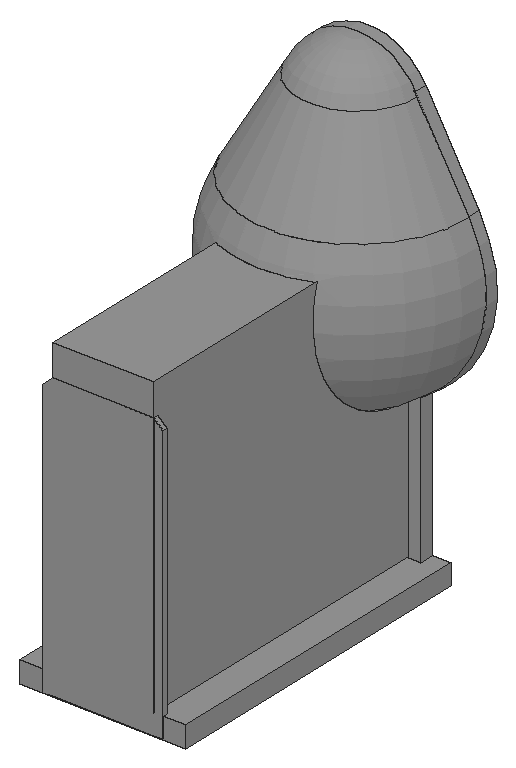
Revit family "Toilet-Willoughby-1490-HET-ETW-FM-TS-HC", category Plumbing Fixtures, host Face, Revit 2014
Parameters (values of type "Standard")
  Waste DIA = 2 1/4"
  Waste Connection = yes
  Vent Connection = no
  URL = "www.willoughby-ind.com"
  Type Comments = "Blowout Series"
  Revision = "A"
  Model = "ETW-1490-HET-FM-TS-HC"
  Manufacturer = "Willoughby Industries"
  HW Connection = no
  Flush Inlet DIA = 1 1/2"
  Flush Inlet Connection = yes
  Fixture Body = Stainless Steel AISI 304-Willoughby
  Description = "High Efficiency  HandicapToilet"
  Default Elevation = 0' - 0"
  Contact = "(800) 428-4065"
  CW Connection = no
Reference planes (in)
  plane 1 "Center (Front/Back)": y = 0
  plane 2: z = 0
  plane 3 "Center (Left/Right)": x = 0
  plane 4 "Seat": y = 18
  plane 5 "Top": y = 19
  plane 6: y = 17.25
  plane 7: z = 18.5
  plane 8: z = 14.933
  plane 9: x = 3.25
  plane 10: x = -3.25
  plane 11: z = 15.30775
  plane 12: x = 7
  plane 13: z = 18.24525
  plane 14: z = 8
  plane 15: z = 10
  plane 16: y = 14.5
  plane 17: y = 19.75
  plane 18: x = 2.75
  plane 19: x = -2.75
  plane 20: z = 25.75
  plane 21: x = 4.5
  plane 22: x = -4.5
  plane 23: z = 1.125
  plane 24: z = -3
  plane 25: y = 22
  plane 26: z = 2.75
Forms (in)
  Extrusion 1, solid, material "Stainless Steel AISI 304-Willoughby" <- "Fixture Body"
    sketch origin (0, 0, 0) x (1, 0, 0) y (0, 1, 0)
      loop
        line (-4.5, 0) -> (4.5, 0) -> (4.5, 18) -> (-4.5, 18) -> (-4.5, 0)
    from 0 to 1.125
  Revolve 2, solid, material "Stainless Steel AISI 304-Willoughby" <- "Fixture Body"
    sketch origin (-60, 17.25, 55.20755) x (-1, 0, 0) y (0, 0, 1)
      loop
        line (-60, -46.89981) -> (-60, -46.39981)
        arc (-60, -46.39981) -> (-65.42136, -42.59037) -> (-65.23755, -35.96698) r 7
        line (-65.23755, -35.96698) -> (-62.80388, -31.72393) -> (-62.74416, -31.59711)
        arc (-62.74416, -31.59711) -> (-61.61332, -30.35842) -> (-60, -29.89981) r 3.067
        line (-60, -29.89981) -> (-60, -29.39981)
        arc (-60, -29.39981) -> (-61.93389, -29.96955) -> (-63.25, -31.49678) r 3.567
        line (-63.25, -31.49678) -> (-66.0721, -36.41706)
        arc (-66.0721, -36.41706) -> (-66.0572, -43.40842) -> (-60, -46.89981) r 7
      axis (-60, -29.39981) -> (-60, -46.89981)
    angle from 0 to 180
  Extrusion 3, solid, material "Stainless Steel AISI 304-Willoughby" <- "Fixture Body"
    sketch origin (0, 0, 7.20755) x (1, 0, 0) y (0, 0, 1)
      loop
        line (-3.5, 1.93865) -> (-3.5, -6.08255) -> (3.5, -6.08255) -> (3.5, 1.93865)
        arc (3.5, 1.93865) -> (6.77318, 6.23534) -> (6.01269, 11.58294) r 6.99928
        line (6.01269, 11.58294) -> (3.14932, 16.69649)
        arc (3.14932, 16.69649) -> (-0.10896, 18.5408) -> (-3.25, 16.50322) r 3.60945
        line (-3.25, 16.50322) -> (-6.10166, 11.42924)
        arc (-6.10166, 11.42924) -> (-6.75024, 6.14955) -> (-3.5, 1.93865) r 6.99928
      loop
        arc (-4.17861, 9.875) -> (0, 3.42) -> (4.17861, 9.875) r 4.58
        line (4.17861, 9.875) -> (1.45817, 16.45616)
        arc (1.45817, 16.45616) -> (-0.05754, 17.35793) -> (-1.5058, 16.35139) r 1.629
        line (-1.5058, 16.35139) -> (-4.17861, 9.875)
    from -18 to -17.25
  Extrusion 4, solid, material "Stainless Steel AISI 304-Willoughby" <- "Fixture Body"
    sketch origin (0, 0, 7.20827) x (0, 1, 0) y (0, 0, 1)
      loop
        line (0, 10) -> (0, -6.20827) -> (17.25, -6.20827) -> (17.25, 1.50333)
        arc (17.25, 1.50333) -> (12.13093, 4.2568) -> (11.23533, 10) r 6.52933
        line (11.23533, 10) -> (0, 10)
    from 2.75 to -2.75
  Revolve 5, solid, material "Stainless Steel AISI 304-Willoughby" <- "Fixture Body"
    sketch origin (0, 14.5, -24) x (0, 0, -1) y (-1, 0, 0)
      loop
        line (-25, 0) -> (-21, 0) -> (-21, 1.125) -> (-25, 1.125) -> (-25, 0)
      axis (-25, 0) -> (-21, 0)
    angle from 0 to 360
  Revolve 6, solid, material "Stainless Steel AISI 304-Willoughby" <- "Fixture Body"
    sketch origin (0, 0, 0) x (0, 1, 0) y (0, 0, 1)
      loop
        line (19, 2.75) -> (16, 2.75) -> (16, 2) -> (19, 2) -> (19, 2.75)
      axis (19, 2.75) -> (16, 2.75)
    angle from 0 to 360
  Extrusion 7, solid, material "Stainless Steel AISI 304-Willoughby" <- "Fixture Body"
    sketch origin (0, 0, 0) x (1, 0, 0) y (0, 0, 1)
      loop
        line (2.75, 0) -> (3.25, 0) -> (3.25, 15) -> (2.75, 15.5) -> (-2.75, 15.5) -> (-3.25, 15) -> (-3.25, 0) -> (-2.75, 0) -> (2.75, 0)
    from 0 to -0.25
Cuts and joins
  joined: Extrusion 1, Revolve 2, Extrusion 4
Lines and regions (in)
  symbolic lines
    curve 1: line (-6.99928, 17.25, 0) -> (-6.99928, 18, 0)
    curve 2: line (-6.99928, 18, 0) -> (6.99928, 18, 0)
    curve 3: line (6.99928, 18, 0) -> (6.99928, 17.25, 0)
    curve 4: arc (6.99928, 17.25, 0) -> (5.84117, 13.39339, 0) -> (2.75, 10.8128, 0) r 7.00046
    curve 5: arc (2.75, 11.09976, 0) -> (0, 10.51294, 0) -> (-2.75, 11.09976, 0) r 6.73706
    curve 6: line (-2.75, 11.09976, 0) -> (-2.75, 0, 0)
    curve 7: line (-2.75, 0, 0) -> (4.5, 0, 0)
    curve 8: line (4.5, 0, 0) -> (4.5, 11.88848, 0)
    curve 9: line (2.75, 11.09976, 0) -> (2.75, 0, 0)
    curve 10: line (2.75, 0.25, 0) -> (3.25, 0.25, 0)
    curve 11: line (3.25, 0.25, 0) -> (3.25, 0, 0)
    curve 12: line (-2.75, 0, 0) -> (-4.5, 0, 0)
    curve 13: line (-3.25, 0, 0) -> (-3.25, 0.25, 0)
    curve 14: line (-3.25, 0.25, 0) -> (-2.75, 0.25, 0)
    curve 15: arc (-2.75, 10.75, 0) -> (-5.84271, 13.36714, 0) -> (-6.99928, 17.25, 0) r 7.09607
    curve 16: line (-4.5, 11.8441, 0) -> (-4.5, 0, 0)
    curve 17: line (-3.5, 0, 9.1462) -> (-3.5, 0, 1.125)
    curve 18: line (-3.5, 0, 1.125) -> (-4.5, 0, 1.125)
    curve 19: line (-4.5, 0, 1.125) -> (-4.5, 0, 0)
    curve 20: line (-4.5, 0, 0) -> (4.5, 0, 0)
    curve 21: line (4.5, 0, 0) -> (4.5, 0, 1.125)
    curve 22: line (4.5, 0, 1.125) -> (3.5, 0, 1.125)
    curve 23: line (3.5, 0, 1.125) -> (3.5, 0, 9.1462)
    curve 24: arc (3.5, 0, 9.1462) -> (6.76525, 0, 13.4405) -> (6.0721, 0, 18.7905) r 7.10387
    curve 25: line (6.0721, 0, 18.7905) -> (3.13372, 0, 23.93162)
    curve 26: arc (3.13372, 0, 23.93162) -> (1.81244, 0, 25.27988) -> (0, 0, 25.80775) r 3.72684
    curve 27: arc (0, 0, 25.80775) -> (-1.94954, 0, 25.26225) -> (-3.25, 0, 23.71078) r 3.42319
    curve 28: line (-3.25, 0, 23.71078) -> (-6.10166, 0, 18.63679)
    curve 29: arc (-6.10166, 0, 18.63679) -> (-6.75024, 0, 13.3571) -> (-3.5, 0, 9.1462) r 6.99928
    curve 35: line (3.5, 0, 1.125) -> (-3.5, 0, 1.125)
    curve 36: line (0, 11.09976, 17.20827) -> (0, 0, 17.20827)
    curve 37: line (0, 0, 17.20827) -> (0, 0, 0)
    curve 38: line (0, 0, 0) -> (0, 18, 0)
    curve 39: line (0, 18, 0) -> (0, 18, 25.75)
    curve 40: line (0, 18, 25.75) -> (0, 17.25, 25.75)
    curve 41: arc (0, 17.25, 25.75) -> (0, 15.33161, 25.19798) -> (0, 14, 23.71078) r 3.60945
    curve 42: arc (0, 14, 23.71078) -> (0, 12.53912, 21.2053) -> (0, 11.09976, 18.68741) r 338.45706
    curve 43: arc (0, 11.09976, 18.68741) -> (0, 10.75242, 17.96745) -> (0, 10.50215, 17.20827) r 6.10372
    curve 44: arc (0, 11.09976, 17.20827) -> (0, 12.10577, 11.46223) -> (0, 17.25, 8.71161) r 6.66118
    curve 45: line (0, 17.25, 8.71161) -> (0, 17.25, 9.1462)
    curve 46: line (0, 17.25, 9.1462) -> (0, 18, 9.1462)
    curve 47: line (0, 17.25, 8.71161) -> (0, 17.25, 1.125)
    curve 48: line (0, 17.25, 1.125) -> (0, 0, 1.125)
    curve 49: line (0, 18, 1.125) -> (0, 17.25, 1.125)
  symbolic lines, detail levels fine
    curve 30: arc (-4.23311, 0, 16.95602) -> (0.06888, 0, 10.62807) -> (4.17861, 0, 17.08255) r 4.58
    curve 31: line (4.17861, 0, 17.08255) -> (1.45817, 0, 23.66371)
    curve 32: arc (1.45817, 0, 23.66371) -> (0.85026, 0, 24.36664) -> (-0.05754, 0, 24.56548) r 1.47245
    curve 33: arc (-0.05754, 0, 24.56548) -> (-0.9107, 0, 24.24786) -> (-1.5058, 0, 23.55895) r 1.83288
    curve 34: line (-1.5058, 0, 23.55895) -> (-4.23311, 0, 16.95602)
Dimensions and locks (in)
  equal spacing: plane 9, plane 3 "Center (Left/Right)", plane 10
  plane 9 to plane 10 = 0' - 6 1/2"
  host face to plane 11 = 1' - 3.30775"
  plane 7 to level = 1' - 6 1/2"
  plane 5 "Top" to plane 1 "Center (Front/Back)" = 1' - 7"
  plane 4 "Seat" to plane 1 "Center (Front/Back)" = 1' - 6"
  plane 16 to plane 1 "Center (Front/Back)" = 1' - 2 1/2"
  plane 1 "Center (Front/Back)" to plane 16 = 1' - 2 1/2"
  plane 19 to plane 18 = 0' - 5 1/2"
  plane 6 to plane 1 "Center (Front/Back)" = 1' - 5 1/4"
  level to plane 20 = 2' - 1 3/4"
  plane 22 to plane 21 = 0' - 9"
  plane 1 "Center (Front/Back)" to plane 4 "Seat" = 1' - 6"
  plane 22 to plane 3 "Center (Left/Right)" = 0' - 4 1/2"
  plane 25 to plane 1 "Center (Front/Back)" = 1' - 10"
  aligned and locked: plane 2 to host face
  aligned and locked: level to host face
  aligned and locked: plane 21 to Extrusion 1
  aligned and locked: Extrusion 1 to plane 22
  aligned and locked: plane 18 to Extrusion 4
  aligned and locked: Extrusion 4 to plane 19
  aligned and locked: Revolve 6 sketch curve to Revolve 6 sketch curve  (x2)
Automatic sketch dimensions
  host sketch curve to host sketch curve = 3' - 6.09429"
  host sketch curve to host sketch curve = 4' - 3.69331"
  Extrusion 1 sketch curve to plane 5 "Top" = 0' - 1"
  Extrusion 3 sketch curve to Extrusion 3 sketch curve = 0' - 0"  (x4)
  Extrusion 3 sketch curve to plane 10 = 0' - 0"
  Extrusion 3 sketch curve to plane 3 "Center (Left/Right)" = 0' - 0"  (x3)
  plane 14 to Extrusion 3 sketch curve = 0' - 7.20755"
  plane 8 to Extrusion 3 sketch curve = 0' - 7.20755"
  Extrusion 3 sketch curve to plane 10 = 0' - 0 1/4"
  Extrusion 3 sketch curve to plane 10 = 0' - 0.92861"
  Extrusion 3 sketch curve to plane 3 "Center (Left/Right)" = 0' - 1.5058"
  plane 3 "Center (Left/Right)" to Extrusion 3 sketch curve = 0' - 1.45817"
  Extrusion 3 sketch curve to plane 9 = 0' - 0.10068"
  plane 9 to Extrusion 3 sketch curve = 0' - 0 1/4"
  plane 9 to Extrusion 3 sketch curve = 0' - 0.92861"
  level to Extrusion 3 sketch curve = 0' - 9.1462"  (x2)
  plane 14 to Extrusion 3 sketch curve = 0' - 9.08255"
  Extrusion 3 sketch curve to Extrusion 3 sketch curve = 0' - 0.79695"
  plane 8 to Extrusion 3 sketch curve = 0' - 8.62595"
  plane 8 to Extrusion 3 sketch curve = 0' - 8.77778"
  Extrusion 3 sketch curve to Extrusion 3 sketch curve = 0' - 8.0212"
  plane 15 to Extrusion 4 sketch curve = 0' - 7.20827"
  Extrusion 4 sketch curve to plane 6 = 0' - 0"
  plane 6 to Extrusion 4 sketch curve = 0' - 0.21015"
  plane 14 to Extrusion 4 sketch curve = 0' - 7.23755"
  level to Extrusion 4 sketch curve = 0' - 1"
  Extrusion 4 sketch curve to plane 6 = 0' - 6.01467"
  Revolve 2 sketch curve to Revolve 2 sketch curve = 0' - 0"  (x3)
  Revolve 2 sketch curve to plane 9 = 0' - 0"
  Revolve 2 sketch curve to plane 3 "Center (Left/Right)" = 0' - 0"  (x3)
  Revolve 2 sketch curve to plane 11 = 0' - 0"
  Revolve 2 sketch curve to plane 9 = 0' - 0.44612"
  Revolve 2 sketch curve to Revolve 2 sketch curve = 0' - 0.05972"
  plane 11 to Revolve 2 sketch curve = 0' - 0.45007"
  Revolve 2 sketch curve to plane 3 "Center (Left/Right)" = 0' - 0.83455"
  level to Revolve 2 sketch curve = 0' - 8.80775"
  Revolve 2 sketch curve to Revolve 2 sketch curve = 0' - 0 1/2"
  plane 8 to Revolve 2 sketch curve = 0' - 7.30775"
  plane 8 to Revolve 2 sketch curve = 0' - 8.55063"
  Revolve 2 sketch curve to Revolve 2 sketch curve = 0' - 0.12681"
  Revolve 2 sketch curve to Revolve 2 sketch curve = 0' - 0.22715"
  Revolve 5 sketch curve to plane 3 "Center (Left/Right)" = 0' - 0"  (x2)
  level to Revolve 5 sketch curve = 0' - 1"
  Revolve 5 sketch curve to level = 0' - 3"
  Revolve 5 sketch curve to Revolve 5 sketch curve = 0' - 1 1/8"
  Revolve 5 sketch curve to Revolve 5 sketch curve = 0' - 0"
  Revolve 5 sketch curve to Revolve 5 sketch curve = 0' - 1 3/4"
  Extrusion 1 sketch curve to plane 10 = 0' - 1 1/4"
  plane 7 to Extrusion 3 sketch curve = 0' - 0.13679"
  plane 9 to Extrusion 1 sketch curve = 0' - 1 1/4"
  plane 7 to Revolve 2 sketch curve = 0' - 0.74057"
  plane 7 to Revolve 2 sketch curve = 0' - 0.2905"
  plane 7 to Extrusion 3 sketch curve = 0' - 0.2905"
  plane 1 "Center (Front/Back)" to Extrusion 1 sketch curve = 0' - 0"
  Extrusion 4 sketch curve to plane 1 "Center (Front/Back)" = 0' - 0"
  Revolve 6 sketch curve to plane 26 = 0' - 0"  (x2)
  Revolve 6 sketch curve to plane 5 "Top" = 0' - 0"
  Revolve 6 sketch curve to plane 6 = 0' - 1 1/4"
  Revolve 6 sketch curve to Revolve 6 sketch curve = 0' - 0 3/4"
  Revolve 6 sketch curve to Revolve 6 sketch curve = 0' - 0"
  Extrusion 7 sketch curve to plane 10 = 0' - 0"
  Extrusion 7 sketch curve to level = 0' - 0"
  plane 19 to Extrusion 7 sketch curve = 0' - 0"
  Extrusion 7 sketch curve to plane 19 = 0' - 0"
  Extrusion 7 sketch curve to plane 18 = 0' - 0"
  plane 18 to Extrusion 7 sketch curve = 0' - 0"
  plane 9 to Extrusion 7 sketch curve = 0' - 0"
  plane 8 to Extrusion 7 sketch curve = 0' - 0.067"  (x2)
  plane 8 to Extrusion 7 sketch curve = 0' - 0.567"
  curve 1 to plane 4 "Seat" = 0' - 0"
  curve 15 to plane 6 = 0' - 0"
  curve 16 to plane 22 = 0' - 0"
  plane 1 "Center (Front/Back)" to curve 12 = 0' - 0"
  curve 13 to plane 10 = 0' - 0"
  curve 15 to plane 19 = 0' - 0"
  curve 4 to plane 6 = 0' - 0"
  curve 5 to plane 3 "Center (Left/Right)" = 0' - 0"
  curve 5 to plane 18 = 0' - 0"
  curve 11 to plane 9 = 0' - 0"
  curve 7 to plane 21 = 0' - 0"
  curve 5 to plane 6 = 0' - 0"
  curve 1 to plane 22 = 0' - 2.49928"
  curve 4 to plane 3 "Center (Left/Right)" = 0' - 0.00118"
  curve 5 to curve 15 = 0' - 0.09679"
  curve 11 to plane 1 "Center (Front/Back)" = 0' - 0 1/4"
  curve 13 to curve 13 = 0' - 0 1/4"
  curve 4 to curve 9 = 0' - 0.28695"
  curve 6 to curve 16 = 0' - 0.74434"
  curve 29 to curve 30 = 0' - 0"  (x2)
  curve 20 to level = 0' - 0"
  curve 20 to plane 22 = 0' - 0"
  curve 35 to plane 23 = 0' - 0"
  curve 27 to plane 10 = 0' - 0"
  curve 27 to plane 3 "Center (Left/Right)" = 0' - 0"
  curve 30 to plane 3 "Center (Left/Right)" = 0' - 0"
  curve 26 to plane 3 "Center (Left/Right)" = 0' - 0"
  curve 22 to plane 21 = 0' - 0"
  plane 7 to curve 28 = 0' - 0.13679"
  curve 28 to plane 22 = 0' - 1.60166"
  plane 22 to curve 34 = 0' - 0.26689"
  curve 17 to plane 10 = 0' - 0 1/4"
  plane 19 to curve 34 = 0' - 1.2442"
  curve 26 to plane 3 "Center (Left/Right)" = 0' - 0.10192"
  curve 24 to plane 3 "Center (Left/Right)" = 0' - 0.0987"
  curve 27 to plane 3 "Center (Left/Right)" = 0' - 0.09362"
  plane 3 "Center (Left/Right)" to curve 32 = 0' - 0.0974"
  plane 3 "Center (Left/Right)" to curve 33 = 0' - 0.13533"
  curve 31 to plane 18 = 0' - 1.29183"
  curve 25 to plane 9 = 0' - 0.11628"
  plane 9 to curve 22 = 0' - 0 1/4"
  curve 31 to plane 21 = 0' - 0.32139"
  plane 7 to curve 25 = 0' - 0.2905"
  plane 21 to curve 25 = 0' - 1.5721"
  curve 23 to plane 15 = 0' - 0.8538"
  curve 17 to plane 15 = 0' - 0.8538"
  curve 34 to plane 7 = 0' - 1.54398"
  plane 7 to curve 26 = 0' - 3.5823"
  curve 26 to curve 27 = 0' - 0.30353"
  curve 27 to curve 33 = 0' - 0.35694"
  curve 33 to curve 32 = 0' - 0.35843"
  curve 32 to curve 34 = 0' - 0.45773"
  curve 32 to curve 31 = 0' - 0 9/16"
  curve 36 to plane 1 "Center (Front/Back)" = 0' - 0"
  curve 45 to plane 6 = 0' - 0"
  curve 41 to plane 6 = 0' - 0"
  curve 46 to plane 4 "Seat" = 0' - 0"
  curve 39 to level = 0' - 0"
  curve 49 to plane 23 = 0' - 0"
  curve 40 to plane 20 = 0' - 0"
  curve 36 to plane 7 = 0' - 1.29173"
  curve 36 to plane 16 = 0' - 3.40024"
  curve 43 to plane 6 = 0' - 0.83831"
  plane 6 to curve 44 = 0' - 0.25169"
  curve 42 to plane 24 = 12' - 1.02322"
  plane 25 to curve 42 = 23' - 7.65153"
  plane 14 to curve 45 = 0' - 0.71161"
  curve 45 to curve 46 = 0' - 0.4346"
  plane 8 to curve 43 = 0' - 0.74795"
  curve 41 to plane 20 = 0' - 3.60945"
  curve 43 to curve 36 = 0' - 0.59761"
  curve 42 to curve 43 = 0' - 0"
Connectors (in)
  piping at (0, 14.5, -3), diameter 2.25, driven by "Waste Connection", driven by "Waste DIA"
    settings: on Revolve 5, index 1, connector inside diameter 24", connector length 0' - 0", flow factor 0, pipe flow 1.28 GPM, pressure drop 0.00 psi, fitting loss kfactor 0, connector angle 0.00°, fixture units 0, engagement length 0' - 0", angle of deflection 0.00°, flow configuration 0, flow direction 2, fitting loss method 0, system type 16, joint type 0, gender type 0, connector reference index -1, connector utility 1, adjustable connector no, is connector primary yes, connector description "Toilet Waste"
  piping at (0, 19, 2.75), diameter 1.5, driven by "Flush Inlet Connection", driven by "Flush Inlet DIA"
    settings: on Revolve 6, index 2, connector inside diameter 24", connector length 0' - 0", flow factor 0, pipe flow 0 GPM, pressure drop 0.00 psi, fitting loss kfactor 0, connector angle 0.00°, fixture units 0, engagement length 0' - 0", angle of deflection 0.00°, flow configuration 0, flow direction 1, fitting loss method 0, system type 20, joint type 0, gender type 0, connector reference index -1, connector utility 1, adjustable connector no, is connector primary no, connector description "Flush Inlet"
